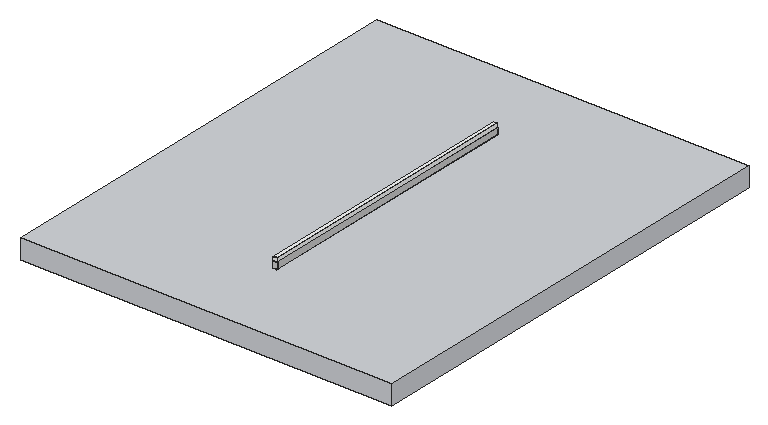
Revit family "Zumtobel LINARIA", category Lighting Fixtures, host Face, Revit 2016
Family settings
  Host = Face
  Part Type = Normal
  Round Connector Dimension = Use Diameter
  OmniClass Number = 23.80.70.11
  OmniClass Title = Luminaries for Internal Lighting
  Cut with Voids When Loaded = No
  Light Source = Yes
  Shared = No
  Room Calculation Point = No
Parameters (values of type "LINARIA LED L1808")
  Width = 30.00 mm  # constant formula
  Wattage = 29.5539 W
  built-in parameter 1150110 = 1 (stored number, unit not read)
  Voltage = 230 V
  URL = "http://www.zumtobel.com/42184114"
  Type Comments = "© Zumtobel. We reserve the right to make technical changes without prior notice."  # constant formula
  built-in parameter 1114217 = 1 (stored number, unit not read)
  Tilt Angle = 90.00°
  built-in parameter 1150109 = 1 (stored number, unit not read)
  built-in parameter 1150134 = 12
  Cover = Zumtobel_PMMA_Self_llumination_Opaque
  built-in parameter 1150113 = 1 (stored number, unit not read)
  Photometric Web File = "42184114_(STD_LEO).IES"
  Model = "42184114"
  Manufacturer = "Zumtobel Lighting"  # constant formula
  built-in parameter 1150105 = 803.81 (stored number, unit not read)
  Lumens = 4390 lm
  built-in parameter 1150115 = 1 (stored number, unit not read)
  built-in parameter 1150137 = (empty or 0)
  built-in parameter 1150139 = (empty or 0)
  Length = 1808.00 mm
  built-in parameter 1150112 = 1 (stored number, unit not read)
  built-in parameter 1150114 = 1 (stored number, unit not read)
  Lamp = "LED"
  built-in parameter 1150132 = 2
  built-in parameter 1150102 = (empty or 0)
  built-in parameter 1150107 = 4000 (stored number, unit not read)
  built-in parameter 1150138 = (empty or 0)
  built-in parameter 1150106 = 8.0381 (stored number, unit not read)
  Height = 67.00 mm
  Emit from Rectangle Width = Length  # 1808.00 mm
  Emit from Rectangle Length = Width  # 30.00 mm
  Emit Shape Visible in Rendering = yes
  built-in parameter 1150104 = 13.8 (stored number, unit not read)
  Dimming Lamp Color Temperature Shift = <None>
  Description = "Single batten LED luminaire"
  Color Filter = 16777215
  Body = Zumtobel_Metal_Aluminium
  built-in parameter 1114218 = 1 (stored number, unit not read)
  built-in parameter 1150133 = 10 (stored number, unit not read)
  Apparent Load = 43.5 VA
  Default Elevation = 0.00 mm
  Assembly Code = "D5020200"
Types (16, lengths in mm): name | Wattage | URL | built-in parameter 1150134 | Photometric Web File | Model | built-in parameter 1150105 | Lumens | Length | Lamp | built-in parameter 1150107 | built-in parameter 1150106 | Height | Emit from Rectangle Width | Description | Body | Apparent Load
  LINARIA 2x1/28W T16-D Electronic | 32.0987 W | "http://www.zumtobel.com/42181141" | (empty or 0) | "D27459V3.IES" | "42181141+22162106" | 719.01 (stored number, unit not read) | 4768 lm | 2372.00 | "T16-D" | 3000 (stored number, unit not read) | 7.1901 (stored number, unit not read) | 61.00 | 2372.00 | "Seamless batten luminaire" | Zumtobel_Metal_White | 61 VA
  LINARIA 2x1/28W T16-D Dimmable | 32.0987 W | "http://www.zumtobel.com/42924547" | (empty or 0) | "D27459V3.IES" | "42924547+22162106" | 719.01 (stored number, unit not read) | 4768 lm | 2372.00 | "T16-D" | 3000 (stored number, unit not read) | 7.1901 (stored number, unit not read) | 61.00 | 2372.00 | "Seamless batten luminaire" | Zumtobel_Metal_White | 61 VA
  LINARIA 2x1/54W T16-D Electronic | 52.1267 W | "http://www.zumtobel.com/42177516" | (empty or 0) | "D27459V8.IES" | "42177516+22162106" | 1167.6 (stored number, unit not read) | 7743 lm | 2372.00 | "T16-D" | 3000 (stored number, unit not read) | 11.676 (stored number, unit not read) | 61.00 | 2372.00 | "Seamless batten luminaire" | Zumtobel_Metal_White | 115 VA
  LINARIA 2x1/54W T16-D Dimmable | 52.1267 W | "http://www.zumtobel.com/42177517" | (empty or 0) | "D27459V8.IES" | "42177517+22162106" | 1167.6 (stored number, unit not read) | 7743 lm | 2372.00 | "T16-D" | 3000 (stored number, unit not read) | 11.676 (stored number, unit not read) | 61.00 | 2372.00 | "Seamless batten luminaire" | Zumtobel_Metal_White | 117.9 VA
  LINARIA 1x1/28W T16-D Electronic | 16.0493 W | "http://www.zumtobel.com/42181138" | (empty or 0) | "D27459U3.IES" | "42181138+22162106" | 359.51 (stored number, unit not read) | 2384 lm | 1188.00 | "T16-D" | 3000 (stored number, unit not read) | 3.5951 (stored number, unit not read) | 61.00 | 1188.00 | "Seamless batten luminaire" | Zumtobel_Metal_White | 32 VA
  LINARIA 1x1/28W T16-D Dimmable | 16.0493 W | "http://www.zumtobel.com/42924565" | (empty or 0) | "D27459U3.IES" | "42924565+22162106" | 359.51 (stored number, unit not read) | 2384 lm | 1188.00 | "T16-D" | 3000 (stored number, unit not read) | 3.5951 (stored number, unit not read) | 61.00 | 1188.00 | "Seamless batten luminaire" | Zumtobel_Metal_White | 32 VA
  LINARIA 1x1/54W T16-D Electronic | 26.0667 W | "http://www.zumtobel.com/42177510" | (empty or 0) | "D27459U8.IES" | "42177510+22162106" | 553.31 (stored number, unit not read) | 3872 lm | 1188.00 | "T16-D" | 3000 (stored number, unit not read) | 5.5331 (stored number, unit not read) | 61.00 | 1188.00 | "Seamless batten luminaire" | Zumtobel_Metal_White | 58 VA
  LINARIA 1x1/54W T16-D Dimmable | 26.0667 W | "http://www.zumtobel.com/42177511" | (empty or 0) | "D27459U8.IES" | "42177511+22162106" | 553.31 (stored number, unit not read) | 3872 lm | 1188.00 | "T16-D" | 3000 (stored number, unit not read) | 5.5331 (stored number, unit not read) | 61.00 | 1188.00 | "Seamless batten luminaire" | Zumtobel_Metal_White | 59.7 VA
  LINARIA LED L765 Dimmable | 12.7237 W | "http://www.zumtobel.com/42182357" | 12 | "D33994AA_LINARIA_21W_840_L760.IES" | "42182357+22162106" | 150.4 (stored number, unit not read) | 1890 lm | 765.00 | "LED" | 4000 (stored number, unit not read) | 1.504 (stored number, unit not read) | 67.00 | 765.00 | "Single batten LED luminaire" | Zumtobel_Metal_White | 21.2 VA
  LINARIA LED L1015 Dimmable | 16.8976 W | "http://www.zumtobel.com/42182358" | 12 | "D33994AA_LINARIA_28W_840_L1010.IES" | "42182358+22162106" | 459.58 (stored number, unit not read) | 2510 lm | 1015.00 | "LED" | 4000 (stored number, unit not read) | 4.5958 (stored number, unit not read) | 67.00 | 1015.00 | "Single batten LED luminaire" | Zumtobel_Metal_White | 28.3 VA
  LINARIA LED L2015 Dimmable | 33.8625 W | "http://www.zumtobel.com/42182359" | 12 | "D33994AA_LINARIA_57W_840_L2010.IES" | "42182359+22162106" | 920.99 (stored number, unit not read) | 5030 lm | 2015.00 | "LED" | 4000 (stored number, unit not read) | 9.2099 (stored number, unit not read) | 67.00 | 2015.00 | "Single batten LED luminaire" | Zumtobel_Metal_White | 56.3 VA
  LINARIA LED L608 | 9.82887 W | "http://www.zumtobel.com/42184110" | 12 | "42184110_(STD_LEO).IES" | "42184110" | 116.18 (stored number, unit not read) | 1460 lm | 608.00 | "LED" | 4000 (stored number, unit not read) | 1.1618 (stored number, unit not read) | 67.00 | 608.00 | "Single batten LED luminaire" | Zumtobel_Metal_Aluminium | 15.1 VA
  LINARIA LED L908 | 14.7433 W | "http://www.zumtobel.com/42184111" | 12 | "42184111_(STD_LEO).IES" | "42184111" | 400.99 (stored number, unit not read) | 2190 lm | 908.00 | "LED" | 4000 (stored number, unit not read) | 4.0099 (stored number, unit not read) | 67.00 | 908.00 | "Single batten LED luminaire" | Zumtobel_Metal_Aluminium | 21.7 VA
  LINARIA LED L1208 | 19.7251 W | "http://www.zumtobel.com/42184112" | 12 | "42184112_(STD_LEO).IES" | "42184112" | 536.48 (stored number, unit not read) | 2930 lm | 1208.00 | "LED" | 4000 (stored number, unit not read) | 5.3648 (stored number, unit not read) | 67.00 | 1208.00 | "Single batten LED luminaire" | Zumtobel_Metal_Aluminium | 30.7 VA
  LINARIA LED L1508 | 24.6395 W | "http://www.zumtobel.com/42184113" | 12 | "42184113_(STD_LEO).IES" | "42184113" | 670.14 (stored number, unit not read) | 3660 lm | 1508.00 | "LED" | 4000 (stored number, unit not read) | 6.7014 (stored number, unit not read) | 67.00 | 1508.00 | "Single batten LED luminaire" | Zumtobel_Metal_Aluminium | 39.1 VA
  LINARIA LED L1808 | 29.5539 W | "http://www.zumtobel.com/42184114" | 12 | "42184114_(STD_LEO).IES" | "42184114" | 803.81 (stored number, unit not read) | 4390 lm | 1808.00 | "LED" | 4000 (stored number, unit not read) | 8.0381 (stored number, unit not read) | 67.00 | 1808.00 | "Single batten LED luminaire" | Zumtobel_Metal_Aluminium | 43.5 VA
Reference planes
  plane 1 "Top": z = 0
  plane 2 "Center (Left/Right)": x = 0
  plane 3 "Center (Front/Back)": y = -11.001
  plane 4 "Back": y = 892.999
  plane 5 "Front": y = -915.001
  plane 6 "Left": x = -15
  plane 7 "Right": x = 15
  plane 8: z = 67
  plane 9: z = 2.5
  plane 10: z = 42
  plane 11: y = 890.499
  plane 12: y = -912.501
  plane 13: z = 53.5
Forms (mm)
  Extrusion 1, solid
    sketch origin (0, 0, 0) x (1, 0, 0) y (0, 1, 0)
      loop
        line (-1219.2, 1439.2) -> (-1219.2, -1480.8) -> (1219.2, -1480.8) -> (1219.2, 1439.2) -> (-1219.2, 1439.2)
    from 0 to -127.877
  Extrusion 2, solid, material "Zumtobel_Metal_Aluminium" <- "Body", detail levels medium+fine
    sketch origin (0, -11.001, 0) x (-1, 0, 0) y (0, 0, 1)
      loop
        line (15, 2.5) -> (15, 42) -> (-15, 42) -> (-15, 2.5) -> (-12.5, 2.5) -> (-12.5, 0) -> (12.5, 0) -> (12.5, 2.5) -> (15, 2.5)
    from -901.5 to 901.5
  Extrusion 3, solid, material "Zumtobel_Metal_Aluminium" <- "Body", detail levels medium+fine
    sketch origin (0, 2748.999, 0) x (-1, 0, 0) y (0, 0, 1)
      loop
        line (15, 2.5) -> (15, 42) -> (-15, 42) -> (-15, 2.5) -> (-12.5, 2.5) -> (-12.5, 0) -> (12.5, 0) -> (12.5, 2.5) -> (15, 2.5)
    from -1858.5 to -1856
  Extrusion 4, solid, material "Zumtobel_Metal_Aluminium" <- "Body", detail levels medium+fine
    sketch origin (0, -2771.001, 0) x (-1, 0, 0) y (0, 0, -1)
      loop
        line (15, -2.5) -> (12.5, -2.5) -> (12.5, 0) -> (-12.5, 0) -> (-12.5, -2.5) -> (-15, -2.5) -> (-15, -42) -> (15, -42) -> (15, -2.5)
    from -1858.5 to -1856
  Extrusion 5, solid, material "Zumtobel_PMMA_Self_llumination_Opaque" <- "Cover", detail levels medium+fine
    sketch origin (0, -11.001, 0) x (-1, 0, 0) y (0, 0, 1)
      loop
        line (15, 67) -> (-15, 67) -> (-15, 42) -> (15, 42) -> (15, 67)
    from -904 to 904
Lines and regions (mm)
  symbolic lines, style "Zumtobel Lighting", detail levels coarse
    curve 1: line (-15, 892.999, 0) -> (15, 892.999, 0)
    curve 2: line (-15, -915.001, 0) -> (15, -915.001, 0)
    curve 3: line (0, 892.999, 0) -> (0, -915.001, 0)
Dimensions and locks
  equal spacing: plane 4 "Back", plane 3 "Center (Front/Back)", plane 5 "Front"
  "Length": plane 4 "Back" to plane 5 "Front"
  equal spacing: plane 6 "Left", plane 2 "Center (Left/Right)", plane 7 "Right"
  "Width": plane 6 "Left" to plane 7 "Right"
  "Height": plane 8 to plane 1 "Top"
  locked: plane 4 "Back" to plane 11 at 2.5
  locked: plane 5 "Front" to plane 12 at 2.5
  plane 13 to plane 10 to plane 1 "Top" = 11.50 mm locked, 42.00 mm locked
  aligned and locked: plane 1 "Top" to Extrusion 1
  aligned and locked: level to Extrusion 1
  aligned: imposter light to plane 2 "Center (Left/Right)"
  aligned: imposter light to plane 3 "Center (Front/Back)"
  aligned and locked: plane 4 "Back" to curve 3
  aligned and locked: curve 1 to plane 4 "Back"
  aligned and locked: plane 5 "Front" to curve 2
  aligned and locked: plane 5 "Front" to curve 3
  aligned and locked: curve 3 to plane 2 "Center (Left/Right)"
  aligned and locked: plane 6 "Left" to Extrusion 2 sketch curve
  aligned and locked: Extrusion 2 sketch curve to plane 10
  aligned and locked: Extrusion 2 sketch curve to plane 7 "Right"
  aligned and locked: plane 9 to Extrusion 2 sketch curve  (x2)
  aligned and locked: plane 1 "Top" to Extrusion 2 sketch curve
  aligned and locked: plane 12 to Extrusion 2
  aligned and locked: plane 11 to Extrusion 2
  aligned and locked: Extrusion 3 to plane 11
  aligned and locked: plane 4 "Back" to Extrusion 3
  aligned and locked: Extrusion 3 sketch curve to plane 10
  aligned and locked: Extrusion 3 sketch curve to plane 1 "Top"
  aligned and locked: Extrusion 3 sketch curve to plane 9  (x2)
  aligned and locked: Extrusion 4 to plane 12
  aligned and locked: plane 5 "Front" to Extrusion 4
  aligned and locked: Extrusion 4 sketch curve to plane 10
  aligned and locked: plane 9 to Extrusion 4 sketch curve  (x2)
  aligned and locked: plane 1 "Top" to Extrusion 4 sketch curve
  aligned and locked: Extrusion 5 sketch curve to plane 8
  aligned and locked: Extrusion 5 sketch curve to plane 7 "Right"
  aligned and locked: Extrusion 5 sketch curve to plane 10
  aligned and locked: plane 4 "Back" to Extrusion 5
  aligned and locked: plane 5 "Front" to Extrusion 5
  aligned and locked: imposter light to plane 8
Automatic sketch dimensions
  curve 2 to plane 6 "Left" = 0.00 mm
  curve 1 to plane 6 "Left" = 0.00 mm
  curve 2 to plane 7 "Right" = 0.00 mm
  curve 1 to plane 7 "Right" = 0.00 mm
  Extrusion 1 sketch curve to Extrusion 1 sketch curve = 2438.40 mm
  Extrusion 1 sketch curve to Extrusion 1 sketch curve = 2920.00 mm
  Extrusion 2 sketch curve to plane 7 "Right" = 2.50 mm
  Extrusion 2 sketch curve to Extrusion 2 sketch curve = 2.50 mm
  Extrusion 3 sketch curve to plane 7 "Right" = 0.00 mm
  plane 6 "Left" to Extrusion 3 sketch curve = 0.00 mm
  Extrusion 3 sketch curve to plane 7 "Right" = 2.50 mm
  Extrusion 3 sketch curve to Extrusion 3 sketch curve = 2.50 mm
  Extrusion 4 sketch curve to plane 7 "Right" = 0.00 mm
  plane 6 "Left" to Extrusion 4 sketch curve = 0.00 mm
  Extrusion 4 sketch curve to plane 7 "Right" = 2.50 mm
  Extrusion 4 sketch curve to plane 6 "Left" = 2.50 mm
  plane 6 "Left" to Extrusion 5 sketch curve = 0.00 mm
Connectors
  electrical at (0, -11.001, 0), driven by "Apparent Load", driven by "Voltage"
    settings: index 1, voltage 230 V, apparent load 0 VA, apparent load phase1 43.5 VA, apparent load phase2 0 VA, apparent load phase3 0 VA, power factor 1, load classification "Lighting", number of poles 1, system type 31, power factor state 1, is connector primary yes, connector utility no, sub classification motor no, connector description ""
